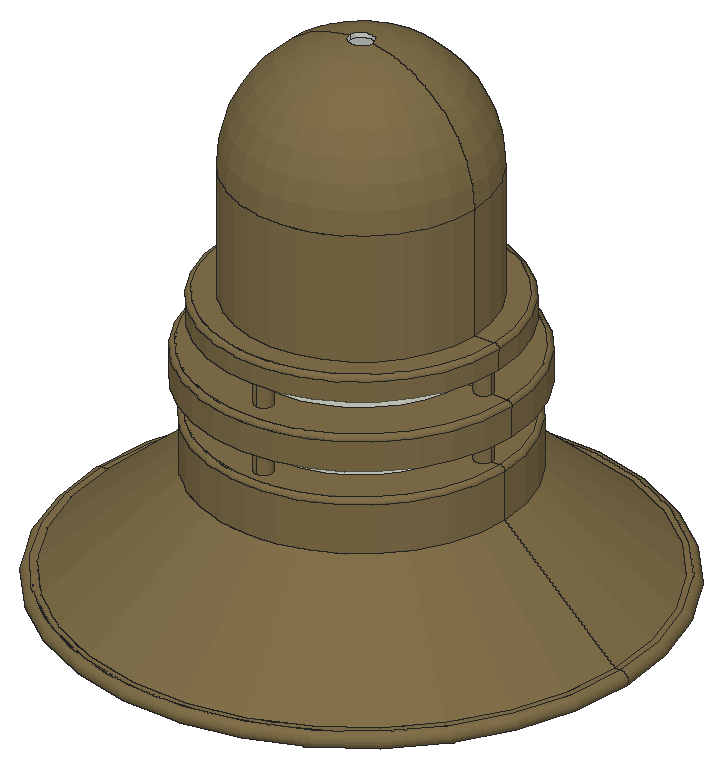
Revit family "L212 SHADE", category Lighting Fixtures, Revit 2024
Family settings
  Round Connector Dimension = Use Diameter
  Part Type = Normal
  OmniClass Number = 23.80.70.00
  OmniClass Title = Lighting
  Work Plane-Based = No
  Always vertical = Yes
  Cut with Voids When Loaded = No
  Light Source = Yes
  Maintain Annotation Orientation = No
  Shared = No
  Room Calculation Point = No
Parameters
  Wattage = 12.1178 W
  built-in parameter 1150110 = 1 (stored number, unit not read)
  built-in parameter 1114217 = 1 (stored number, unit not read)
  built-in parameter 1150109 = 1 (stored number, unit not read)
  built-in parameter 1150134 = (empty or 0)
  built-in parameter 1150113 = 1 (stored number, unit not read)
  Lumens = 1800 lm
  built-in parameter 1150115 = 1 (stored number, unit not read)
  built-in parameter 1150105 = 572.96 (stored number, unit not read)
  Light Source Symbol Size = 2' - 0"
  built-in parameter 1150137 = (empty or 0)
  built-in parameter 1150139 = (empty or 0)
  built-in parameter 1150112 = 1 (stored number, unit not read)
  built-in parameter 1150114 = 1 (stored number, unit not read)
  built-in parameter 1150132 = 2
  built-in parameter 1150102 = (empty or 0)
  built-in parameter 1150138 = (empty or 0)
  built-in parameter 1150107 = 3000 (stored number, unit not read)
  built-in parameter 1150106 = 5.7296 (stored number, unit not read)
  built-in parameter 1150104 = 13.8 (stored number, unit not read)
  Dimming Lamp Color Temperature Shift = (empty or 0)
  Default Elevation = 0' - 0"
  Color Filter = 16777215
  built-in parameter 1114218 = 1 (stored number, unit not read)
  built-in parameter 1150133 = 10 (stored number, unit not read)
Reference planes (in)
  plane 1 "Light Source Axis (F/B)": y = 0
  plane 2: z = 0
  plane 3 "Light Source Axis (L/R)": x = 0
  plane 4 "Light Source Elevation": z = 54
Forms (in)
  Revolve 1, solid
    sketch origin (0, 0, 0) x (1, 0, 0) y (0, 0, 1)
      loop
        line (-5.68733, 54.21504) -> (-3.1325, 56.39209) -> (-3.1325, 57.42034) -> (-2.33225, 57.42034) -> (-2.33225, 57.51409) -> (-3.12625, 57.51409)
        arc (-3.12625, 57.51409) -> (-3.19696, 57.48481) -> (-3.22625, 57.41409) r 0.1
        line (-3.22625, 57.41409) -> (-3.22625, 56.43537) -> (-5.70635, 54.32201) -> (-5.839, 54.32201)
        arc (-5.839, 54.32201) -> (-5.93179, 54.02943) -> (-5.68733, 54.21504) r 0.161
      loop
        line (-3.38733, 58.17495) -> (-3.29358, 58.17495) -> (-3.29358, 58.7812) -> (-2.33225, 58.7812) -> (-2.33225, 58.87495) -> (-3.28733, 58.87495)
        arc (-3.28733, 58.87495) -> (-3.35804, 58.84566) -> (-3.38733, 58.77495) r 0.1
        line (-3.38733, 58.77495) -> (-3.38733, 58.17495)
      loop
        line (-3.1, 59.41784) -> (-3.00625, 59.41784) -> (-3.00625, 59.82409) -> (-2.45625, 59.82409) -> (-2.45625, 62.45)
        arc (-2.45625, 62.45) -> (-1.82308, 64.09607) -> (-0.25, 64.89349) r 2.45625
        line (-0.25, 64.89349) -> (-0.25, 64.98772)
        arc (-0.25, 64.98772) -> (-1.88944, 64.16245) -> (-2.55, 62.45) r 2.55
        line (-2.55, 62.45) -> (-2.55, 59.91784) -> (-3, 59.91784)
        arc (-3, 59.91784) -> (-3.07071, 59.88855) -> (-3.1, 59.81784) r 0.1
        line (-3.1, 59.81784) -> (-3.1, 59.41784)
      loop
        line (-2.1, 60.06299) -> (-2.1, 54.74284)
        arc (-2.1, 54.74284) -> (-1.48492, 53.25792) -> (0, 52.64284) r 2.1
        line (0, 52.64284) -> (0, 52.73659)
        arc (0, 52.73659) -> (-1.41863, 53.32421) -> (-2.00625, 54.74284) r 2.00625
        line (-2.00625, 54.74284) -> (-2.00625, 60.06299) -> (-2.1, 60.06299)
      axis (0, 64.98772) -> (0, 52.64284)
    angle from 0 to 360
  Sweep 2, solid
    path origin (0, 0, 0) x (1, 0, 0) y (0, 0, 1)
      loop
        line (-2.75, 57.51409) -> (-2.75, 59.82409)
    profile origin (-2.75, 0, 58.66909) x (-1, 0, 0) y (0, -1, 0)
      loop
        circle (0, 0) r 0.1875
  Sweep 3, solid
    path origin (0, 0, 0) x (0, -1, 0) y (0, 0, 1)
      loop
        line (-2.75, 57.51409) -> (-2.75, 59.82409)
    profile origin (0, 2.75, 58.66909) x (0, 1, 0) y (-1, 0, 0)
      loop
        circle (0, 0) r 0.1875
  Sweep 4, solid
    path origin (0, 0, 0) x (0, 1, 0) y (0, 0, 1)
      loop
        line (-2.75, 57.51409) -> (-2.75, 59.82409)
    profile origin (0, -2.75, 58.66909) x (0, -1, 0) y (1, 0, 0)
      loop
        circle (0, 0) r 0.1875
  Sweep 5, solid
    path origin (0, 0, 0) x (-1, 0, 0) y (0, 0, 1)
      loop
        line (-2.75, 57.51409) -> (-2.75, 59.82409)
    profile origin (2.75, 0, 58.66909) x (1, 0, 0) y (0, 1, 0)
      loop
        circle (0, 0) r 0.1875
Dimensions and locks (in)
  aligned and locked: plane 3 "Light Source Axis (L/R)" to imposter light
  aligned and locked: plane 1 "Light Source Axis (F/B)" to imposter light
  aligned and locked: plane 4 "Light Source Elevation" to imposter light
  aligned and locked: level to plane 2
